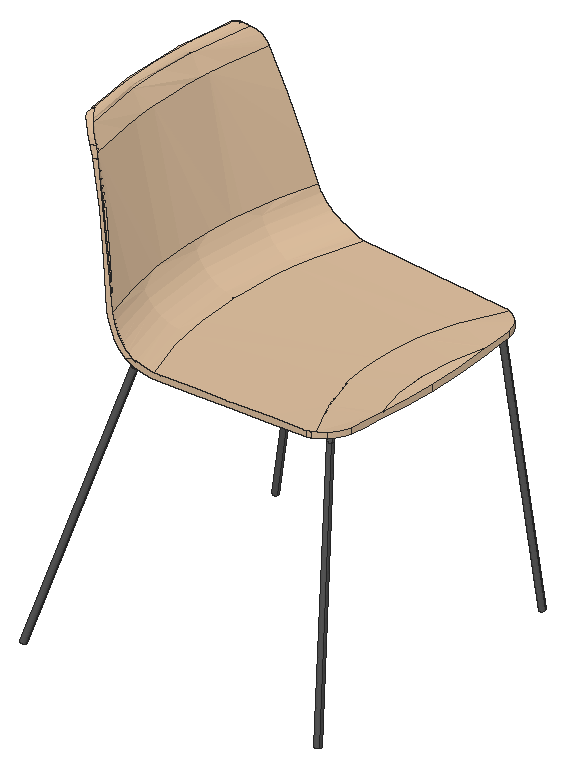
Revit family "FU_Chair_Sandler_VARYA WOOD 1-2", category Furniture, Revit 2020
Family settings
  OmniClass Number = 23.21.23.15.17
  Work Plane-Based = Yes
  Always vertical = No
  Cut with Voids When Loaded = No
  Shared = No
  Room Calculation Point = No
Parameters (values of type "VARYA WOOD 1.2")
  Youtube clip = ""
  Uniformat II Description = "Movable Furnishings"
  Uniformat II Code = ""
  Uniclass 2015 Name = ""
  Uniclass 2015 Code = ""
  Uniclass 2.0 Description = ""
  Uniclass 2.0 Code = ""
  Uniclass 1.4 Description = ""
  Uniclass 1.4 Code = ""
  UNSPSC Code = ""
  Shell = TP02 : TP02
  Frame = BS02 : BS02
  Technical description = ""
  Shell Material [instance] = Wood - Oak - Natural - V
  Height Frame = 458.900 mm
  Frame Material [instance] = Epoxy - M1_B00 - Black
  401D = no
  Region South America = "All"
  Region Oceania = "All"
  Region North America = "All"
  Region Middle East = "All"
  Region Europe = "All"
  Region Asia = "All"
  Region Antarctica = "All"
  Region Africa = "All"
  QR code = "https://www.sandlerseating.com/product/varya-wood-1-2/"
  Product url = ""
  Product name = "VARYA Wood 1.2"
  Product group = "Chair"
  Product family = "Furniture"
  Product data url = "https://www.sandlerseating.com/product/varya-wood-1-2/"
  Product certification = ""
  Product SKU = "??"
  Product Guid = "??"
  OmniClass Description = ""
  OmniClass Code = "23-21 23 15 17"
  NBS Reference Description = ""
  NBS Reference Code = ""
  Model = "VARYA Wood 1.2"
  Masterformat 2014 Description = "Chair Mats"
  Masterformat 2014 Code = "12 48 43.13"
  Manufacturer name = "Sandler"
  Manufacturer country = "USA"
  Manufacturer = "Sandler"
  401G = no
  Installation instructions = ""
  IFC Classification = "Furnishing Element"
  GTIN code = ""
  Edition number = 1
  Design country = "Brasil"
  Description = "Side chair with a seat and back in solid oak or beech veneer sitting atop a solid steel frame. Greenguard Certified."
  Default Elevation = 1219.200 mm
  Date of publishing = ""
  COBIe Type Category = ""
  Brand url = "https://www.sandlerseating.com/"
  BIMobject main category code = "furniture"
  BIMobject main category = "Furniture"
  BIMobject category code = "furniture-chair"
  BIMobject category = "Chair"
Reference planes
  plane 1 "Center Front/Back": y = 0
  plane 2: z = 0
  plane 3 "Center Left/Right": x = 0
  plane 4 "Heigth Shell": z = 458.9
Dimensions and locks
  "Height Frame": plane 4 "Heigth Shell" to plane 2
  aligned and locked: level to plane 2
Nested families
  nested 1: "BS02" at (-51.25, 1.648, 0) x (0, 1, 0) z (0, 0, 1), type <- "Frame", Frame Material <- "Frame Material", type "BS02"
    with Frame Material Epoxy - M1_B00 - Black
  nested 2: "TP02" at (-60, 0, 428.1) x (0, 1, 0) z (0, 0, 1), type <- "Shell", Shell Material <- "Shell Material", type "TP02"
    with Shell Material Wood - Oak - Natural - V, Seat Material none
Definition of nested family "BS02"
  Parameters (values of type "BS02")
    Frame Material [instance] = none
    Default Elevation = 0.000 mm
  Reference planes
    plane 1 "Center (Front/Back)": y = 0
    plane 2: z = 0
    plane 3 "Center (Left/Right)": x = 0
  Forms (mm)
    Sweep 1, solid, material <- "Frame Material"
      path origin (-148.48, -68.498, 392.589) x (0.309285, 0.950954, 0.005471) y (0.097586, -0.03746, 0.994522)
        loop
          line (-199.313, -392.852) -> (-155.77, 60.696)
          arc (-155.77, 60.696) -> (-151.887, 68.446) -> (-143.801, 71.571) r 12.024
          line (-143.801, 71.571) -> (-92.631, 71.571)
      profile origin (-219.598, -231.111, 226.45) x (-0.298543, -0.950181, 0.089598) y (0.945949, -0.307057, -0.104385)
        loop
          circle (0, 0) r 5
    Sweep 2, solid, material <- "Frame Material"
      path origin (-143.841, -19.492, 390.714) x (-0.30874, 0.951131, 0.005471) y (0.100967, 0.027054, 0.994522)
        loop
          line (92.709, 71.68) -> (132.709, 71.68)
          arc (132.709, 71.68) -> (147.404, 66.905) -> (156.486, 54.405) r 25
          line (156.486, 54.405) -> (301.067, -390.569)
      profile origin (-231.444, 193.557, 224.804) x (-0.262429, 0.912939, 0.312527) y (0.945772, 0.307601, -0.104385)
        loop
          circle (0, 0) r 5
    Sweep 3, solid, material <- "Frame Material"
      path origin (2.5, 1.908, 24.606) x (1, 0, 0) y (0, 0.99999, 0.004363)
        loop
          line (-167.72, 70.018) -> (-173.009, -160.741)
      profile origin (-167.864, -43.453, 24.408) x (0.999737, -0.022915, -0.0001) y (0, -0.004363, 0.99999)
        loop
          circle (0, 437.656) r 5
    Sweep 4, solid, material <- "Frame Material"
      path origin (148.48, -68.498, 392.589) x (-0.309285, 0.950954, 0.005471) y (0.097586, 0.03746, -0.994522)
        loop
          line (-199.313, 392.852) -> (-155.77, -60.696)
          arc (-155.77, -60.696) -> (-151.887, -68.446) -> (-143.801, -71.571) r 12.024
          line (-143.801, -71.571) -> (-92.631, -71.571)
      profile origin (219.598, -231.111, 226.45) x (-0.298543, 0.950181, -0.089598) y (-0.945949, -0.307057, -0.104385)
        loop
          circle (0, 0) r 5
    Sweep 5, solid, material <- "Frame Material"
      path origin (143.841, -19.492, 390.714) x (0.30874, 0.951131, 0.005471) y (0.100967, -0.027054, -0.994522)
        loop
          line (85.324, -70.51) -> (125.324, -70.51)
          arc (125.324, -70.51) -> (140.019, -65.736) -> (149.1, -53.236) r 25
          line (149.1, -53.236) -> (294.043, 392.852)
      profile origin (229.394, 186.658, 223.048) x (-0.262429, -0.912939, -0.312527) y (-0.945772, 0.307601, -0.104385)
        loop
          circle (0, 0) r 5
    Sweep 6, solid, material <- "Frame Material"
      path origin (-2.5, 1.908, 24.606) x (-1, 0, 0) y (0, -0.99999, -0.004363)
        loop
          line (-166.183, -63.664) -> (-173.009, 160.741)
      profile origin (167.096, -46.63, 24.394) x (0.999538, 0.030405, 0.000133) y (0, -0.004363, 0.99999)
        loop
          circle (0, 437.656) r 5
  Dimensions and locks
    aligned and locked: level to plane 2
Definition of nested family "TP02"
  Parameters (values of type "TP02")
    Youtube clip = ""
    Uniformat II Description = "Movable Furnishings"
    Uniformat II Code = ""
    Uniclass 2015 Name = ""
    Uniclass 2015 Code = ""
    Uniclass 2.0 Description = ""
    Uniclass 2.0 Code = ""
    Uniclass 1.4 Description = ""
    Uniclass 1.4 Code = ""
    UNSPSC Code = ""
    Technical description = ""
    Seat Material [instance] = none
    Default Elevation = 1219.200 mm
    401D = no
    Region South America = "All"
    Region Oceania = "All"
    Region North America = "All"
    Region Middle East = "All"
    Region Europe = "All"
    Region Asia = "All"
    Region Antarctica = "All"
    Region Africa = "All"
    QR code = "https://www.sandlerseating.com/product/dunas-lounge-5-1/"
    Product url = ""
    Product name = "Dunas Lounge 5.1"
    Product group = "Chair"
    Product family = "Furniture"
    Product data url = "https://www.sandlerseating.com/product/dunas-lounge-5-1/"
    Product certification = ""
    Product SKU = "??"
    Product Guid = "??"
    OmniClass Description = ""
    OmniClass Code = "23-21 23 15 17"
    NBS Reference Description = ""
    NBS Reference Code = ""
    Model = "Dunas Lounge 5.1"  # constant formula
    Masterformat 2014 Description = "Chair Mats"
    Masterformat 2014 Code = "12 48 43.13"
    Manufacturer name = "Sandler"
    Manufacturer country = "USA"
    Manufacturer = "Sandler"  # constant formula
    401G = yes
    Installation instructions = ""
    IFC Classification = "Furnishing Element"
    GTIN code = ""
    Edition number = 1
    Design country = "Brasil"
    Description = "Chair"  # constant formula
    Date of publishing = ""
    COBIe Type Category = ""
    Brand url = "https://www.sandlerseating.com/"
    Shell Material [instance] = none
    BIMobject main category code = "furniture"
    BIMobject main category = "Furniture"
    BIMobject category code = "furniture-chair"
    BIMobject category = "Chair"
  Reference planes
    plane 1 "Center Front/Back": y = 0
    plane 2: z = 0
    plane 3 "Center Left/Right": x = 0
    plane 4: y = 234.279
    plane 5: x = 400
    plane 6: x = -400
    plane 7: y = -500
    plane 8: x = -600
    plane 9: x = 600
    plane 10 "Pivo": y = -89.33
  Forms (mm)
    SweptBlend 1, solid, material <- "Shell Material"
      path origin (5.681, -212.5, 0) x (1, 0, 0) y (0, 1, 0)
        loop
          arc (-317.221, 139.285) -> (-9.402, 229.926) -> (301.107, 148.975) r 600
      profile "Profile Lateral : Profile Lateral" origin (-311.539, -73.215, 0) x (-0.528701, 0.848808, 0) y (0, 0, 1)
        loop
          arc (220.072, 373.875) -> (220.776, 379.083) -> (216.324, 381.876) r 4.851
          arc (216.324, 381.876) -> (209.979, 378.228) -> (205.376, 372.537) r 19.958
          arc (205.376, 372.537) -> (196.162, 356.573) -> (188.635, 339.748) r 179.403
          arc (188.635, 339.748) -> (162.543, 233.058) -> (144.335, 124.743) r 1498.854
          arc (144.335, 124.743) -> (120.197, 79.841) -> (74.028, 58.225) r 81.068
          line (74.028, 58.225) -> (-180.577, 50.222)
          arc (-180.577, 50.222) -> (-217.915, 49.974) -> (-255.089, 46.48) r 428.848
          arc (-255.089, 46.48) -> (-277.323, 40.838) -> (-297.701, 30.309) r 100.67
          arc (-297.701, 30.309) -> (-299.067, 23.371) -> (-292.129, 22.005) r 5
          arc (-292.129, 22.005) -> (-273.768, 31.491) -> (-253.736, 36.572) r 90.67
          arc (-253.736, 36.572) -> (-217.251, 39.995) -> (-180.606, 40.216) r 418.848
          line (-180.606, 40.216) -> (74.763, 48.243)
          arc (74.763, 48.243) -> (126.989, 72.501) -> (154.223, 123.238) r 91.068
          arc (154.223, 123.238) -> (172.269, 230.706) -> (198.126, 336.566) r 1488.854
          arc (198.126, 336.566) -> (205.277, 352.434) -> (214.019, 367.485) r 169.403
          arc (214.019, 367.485) -> (216.964, 370.757) -> (220.072, 373.875) r 86.344
      end profile "Profile Lateral : Profile Lateral" origin (306.788, -63.525, 0) x (0.501844, 0.864958, 0) y (0, 0, 1)
        loop
          arc (220.072, 373.875) -> (220.776, 379.083) -> (216.324, 381.876) r 4.851
          arc (216.324, 381.876) -> (209.979, 378.228) -> (205.376, 372.537) r 19.958
          arc (205.376, 372.537) -> (196.162, 356.573) -> (188.635, 339.748) r 179.403
          arc (188.635, 339.748) -> (162.543, 233.058) -> (144.335, 124.743) r 1498.854
          arc (144.335, 124.743) -> (120.197, 79.841) -> (74.028, 58.225) r 81.068
          line (74.028, 58.225) -> (-180.577, 50.222)
          arc (-180.577, 50.222) -> (-217.915, 49.974) -> (-255.089, 46.48) r 428.848
          arc (-255.089, 46.48) -> (-277.323, 40.838) -> (-297.701, 30.309) r 100.67
          arc (-297.701, 30.309) -> (-299.067, 23.371) -> (-292.129, 22.005) r 5
          arc (-292.129, 22.005) -> (-273.768, 31.491) -> (-253.736, 36.572) r 90.67
          arc (-253.736, 36.572) -> (-217.251, 39.995) -> (-180.606, 40.216) r 418.848
          line (-180.606, 40.216) -> (74.763, 48.243)
          arc (74.763, 48.243) -> (126.989, 72.501) -> (154.223, 123.238) r 91.068
          arc (154.223, 123.238) -> (172.269, 230.706) -> (198.126, 336.566) r 1488.854
          arc (198.126, 336.566) -> (205.277, 352.434) -> (214.019, 367.485) r 169.403
          arc (214.019, 367.485) -> (216.964, 370.757) -> (220.072, 373.875) r 86.344
    Extrusion 2, void
      sketch origin (5.681, 0, 0) x (1, 0, 0) y (0, 1, 0)
        loop
          line (-247.765, 106.22) -> (-247.765, 266.22) -> (-487.765, 266.22) -> (-487.765, -333.78) -> (-7.5, -333.78) -> (472.765, -333.78) -> (472.765, 266.22) -> (232.765, 266.22) -> (232.765, 106.22) -> (213.357, -213.191)
          arc (213.357, -213.191) -> (196.502, -241.247) -> (166.837, -255.077) r 55.957
          arc (166.837, -255.077) -> (79.688, -257.728) -> (-7.5, -258.12) r 3363.946
          arc (-7.5, -258.12) -> (-94.688, -257.728) -> (-181.837, -255.077) r 3363.946
          arc (-181.837, -255.077) -> (-211.502, -241.247) -> (-228.357, -213.191) r 55.957
          line (-228.357, -213.191) -> (-247.765, 106.22)
      from 0 to 250
    Extrusion 3, void
      sketch origin (5.681, 0, 0) x (1, 0, 0) y (0, 0, 1)
        loop
          line (232.252, 65.67) -> (445.023, 65.67) -> (445.023, 415.67) -> (145.999, 415.67) -> (145.999, 382.34)
          arc (145.999, 382.34) -> (169.969, 371.303) -> (183.516, 348.657) r 44.637
          line (183.516, 348.657) -> (232.252, 65.67)
        loop
          line (-246.936, 65.67) -> (-200.298, 330.165) -> (-196.12, 348.236)
          arc (-196.12, 348.236) -> (-183.265, 370.366) -> (-160.18, 381.415) r 43.434
          line (-160.18, 381.415) -> (-160.18, 415.67) -> (-460.023, 415.67) -> (-460.023, 65.67) -> (-246.936, 65.67)
      from -241.575 to -47.482
  Cuts and joins
    Extrusion 2, Extrusion 3 cuts SweptBlend 1
  Dimensions and locks
    equal spacing: plane 6, plane 3 "Center Left/Right", plane 5
    plane 6 to plane 3 "Center Left/Right" = 400.000 mm
    aligned and locked: level to plane 2
  Automatic sketch dimensions
    plane 3 "Center Left/Right" to SweptBlend 1 sketch curve = 5.681 mm
    SweptBlend 1 sketch curve to plane 7 = 82.500 mm
    plane 6 to SweptBlend 1 sketch curve = 88.461 mm
    SweptBlend 1 sketch curve to plane 5 = 93.212 mm
    plane 1 "Center Front/Back" to SweptBlend 1 sketch curve = 73.215 mm
    Extrusion 2 sketch curve to plane 3 "Center Left/Right" = 1.819 mm  (x2)
    Extrusion 2 sketch curve to plane 3 "Center Left/Right" = 30.298 mm
    Extrusion 2 sketch curve to plane 3 "Center Left/Right" = 168.378 mm
    Extrusion 2 sketch curve to Extrusion 2 sketch curve = 54.298 mm  (x2)
    plane 6 to Extrusion 2 sketch curve = 157.917 mm
    Extrusion 2 sketch curve to plane 6 = 82.083 mm
    plane 3 "Center Left/Right" to Extrusion 2 sketch curve = 26.661 mm
    plane 3 "Center Left/Right" to Extrusion 2 sketch curve = 164.741 mm
    Extrusion 2 sketch curve to plane 5 = 161.554 mm
    plane 5 to Extrusion 2 sketch curve = 78.446 mm
    plane 1 "Center Front/Back" to Extrusion 2 sketch curve = 213.191 mm  (x2)
    Extrusion 2 sketch curve to Extrusion 2 sketch curve = 13.528 mm  (x2)
    Extrusion 2 sketch curve to plane 1 "Center Front/Back" = 106.220 mm  (x2)
    plane 4 to Extrusion 2 sketch curve = 31.941 mm  (x2)
    Extrusion 2 sketch curve to Extrusion 2 sketch curve = 2839.485 mm
    Extrusion 2 sketch curve to Extrusion 2 sketch curve = 0.000 mm
    plane 7 to Extrusion 2 sketch curve = 166.220 mm
    Extrusion 2 sketch curve to Extrusion 2 sketch curve = 7.778 mm
    Extrusion 3 sketch curve to plane 6 = 54.341 mm
    level to Extrusion 3 sketch curve = 65.670 mm  (x2)
    plane 6 to Extrusion 3 sketch curve = 158.746 mm
    plane 6 to Extrusion 3 sketch curve = 205.383 mm
    Extrusion 3 sketch curve to Extrusion 3 sketch curve = 4.178 mm
    Extrusion 3 sketch curve to Extrusion 3 sketch curve = 35.941 mm
    Extrusion 3 sketch curve to Extrusion 3 sketch curve = 6.377 mm
    plane 3 "Center Left/Right" to Extrusion 3 sketch curve = 145.830 mm
    Extrusion 3 sketch curve to Extrusion 3 sketch curve = 5.851 mm
    plane 5 to Extrusion 3 sketch curve = 50.704 mm
    Extrusion 3 sketch curve to Extrusion 3 sketch curve = 264.495 mm
    Extrusion 3 sketch curve to Extrusion 3 sketch curve = 272.419 mm
    Extrusion 3 sketch curve to Extrusion 3 sketch curve = 8.287 mm
    Extrusion 3 sketch curve to Extrusion 3 sketch curve = 18.071 mm
    Extrusion 3 sketch curve to Extrusion 3 sketch curve = 44.252 mm
    Extrusion 3 sketch curve to Extrusion 3 sketch curve = 34.255 mm
    Extrusion 3 sketch curve to Extrusion 3 sketch curve = 33.330 mm
    Extrusion 3 sketch curve to Extrusion 3 sketch curve = 43.368 mm
    Extrusion 3 sketch curve to plane 5 = 162.066 mm
